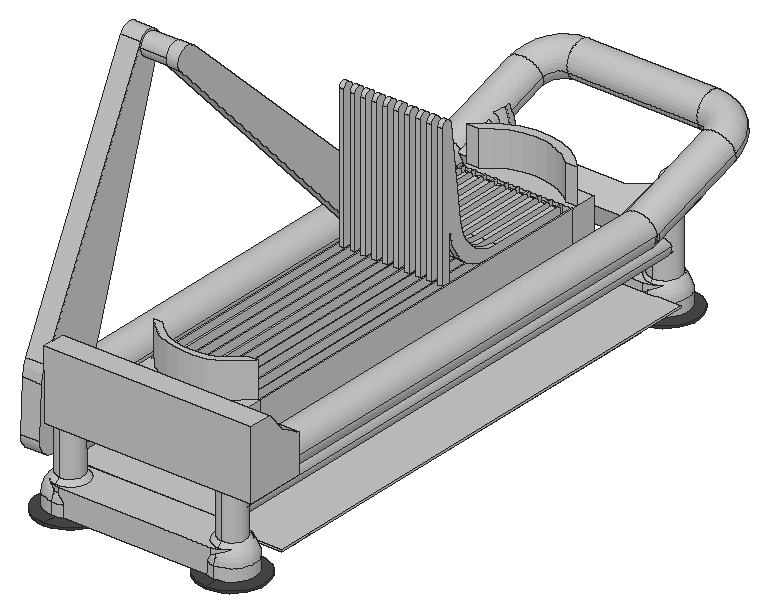
Revit family "QF_ELECTROLUXPROFESSIONAL_601443_CT6U", category Attrezzature speciali, Revit 2020
Family settings
  Quota connettore circolare = Usa diametro
  Tipo di parte = Normale
  Basato su piano di lavoro = No
  Sempre verticale = Sì
  Taglio con vuoti quando caricato = No
  Condiviso = No
  Punto di calcolo locali = No
Parameters (values of type "Standard")
  Weight = 3.00 kg
  Watts = 0 W
  Volts = 0 V
  URL Manufacturer = "https://www.electroluxprofessional.com/"
  URL = "https://www.electroluxprofessional.com/"
  Steam Supply Size = 0 mm
  Steam Supply Minimum Pressure = 0.0 Pa
  Steam Supply Maximum Pressure = 0.0 Pa
  Steam Consumption per Hour = 0
  Show Clearance [instance] = yes
  Refrigeration Suction Line Size = 0 mm
  Refrigeration Liquid Line Size = 0 mm
  Refrigerant Compressor Remote = yes
  Prospetto di default = 0 mm
  Produttore = "Electrolux Professional"
  Phase = 0
  Modello = "CT6U"
  Length Actual = 145 mm  # constant formula
  Item Number = "601443"
  Hot Water Size = 0 mm
  Height Actual = 240 mm  # constant formula
  HP = "0 HP"
  Gas Size = 0 mm
  Gas KW = 0
  Gas Input Pressure = 0 W
  Direct Waste Size = 0 mm
  Descrizione = "TOMATO SLICER 6MM + CUTTING BLOCK - US"
  Depth Actual = 427 mm  # constant formula
  Cycle = 0 Hz
  Condensate Return Size = 0 mm
  Compressed Air Volume = 0.0 L/s
  Compressed Air Size = 0 mm
  Compressed Air Pressure = 0.0 Pa
  Cold Water Size = 0 mm
  Accessory = yes
Reference planes
  plane 1 "Center (Front/Back)": y = 0
  plane 2: z = 0
  plane 3 "Center (Left/Right)": x = 0
  plane 4 "FRONT": y = -427
  plane 5 "LEFT": x = -72.5
  plane 6 "RIGHT": x = 72.5
  plane 7: x = 0
  plane 8: z = 240
  plane 9: y = -7.096
Forms (mm)
  Sweep 1, solid, material "QF_Finishes_Stainless Steel"
    path origin (2, 0, 62.5) x (1, 0, 0) y (0, 1, 0)
      loop
        line (-62.5, -91.422) -> (-62.5, -379.445)
    profile origin (-60.5, -235.434, 62.5) x (1, 0, 0) y (0, 0, 1)
      loop
        circle (-1, 0) r 11
  Sweep 2, solid, material "QF_Finishes_Stainless Steel"
    path origin (-2, 0, 62.5) x (-1, 0, 0) y (0, -1, 0)
      loop
        line (-62.5, 91.422) -> (-62.5, 379.445)
    profile origin (60.5, -235.434, 62.5) x (1, 0, 0) y (0, 0, 1)
      loop
        circle (1, 0) r 11
  Sweep 3, solid, material "QF_Finishes_Stainless Steel"
    path origin (0, -7.511, 89.42) x (1, 0, 0) y (0, 0.953938, 0.300003)
      loop
        line (-61.5, -91.422) -> (-61.5, -24)
        arc (-61.5, -24) -> (-55.642, -9.858) -> (-41.5, -4) r 20
        line (-41.5, -4) -> (41.5, -4)
        arc (41.5, -4) -> (55.642, -9.858) -> (61.5, -24) r 20
        line (61.5, -24) -> (61.5, -91.422)
    profile origin (-61.5, -62.564, 72.107) x (-1, 0, 0) y (0, -0.300003, 0.953938)
      loop
        circle (0, 0) r 11
  Extrusion 4, solid, material "QF_Finishes_Stainless Steel"
    sketch origin (0, -396.692, -97.064) x (-1, 0, 0) y (0, -0.955429, -0.29522)
      loop
        line (-52.2, -335.732) -> (-52.2, -361.975) -> (-39.846, -355.798) -> (40.154, -355.798) -> (51.818, -361.63) -> (51.818, -335.732) -> (-52.2, -335.732)
    from 55.543 to 69.371
  Extrusion 5, solid, material "QF_Finishes_Stainless Steel"
    sketch origin (0, -25.001, 21.974) x (0, 1, 0) y (0, 0, 1)
      loop
        line (-392.032, 29.526) -> (-354.445, 29.526) -> (-354.445, 54.468) -> (-367.435, 61.968) -> (-377.531, 73.583) -> (-392.032, 73.583) -> (-392.032, 29.526)
    from -59.919 to 72.5
  Extrusion 6, solid, material "QF_Finishes_Stainless Steel"
    sketch origin (0, 0, 0) x (1, 0, 0) y (0, 1, 0)
      loop
        line (-35.004, -379.446) -> (34.996, -379.446) -> (34.996, -362.867) -> (-35.004, -362.867) -> (-35.004, -379.446)
    from 51.5 to 74.145
  Extrusion 7, solid, material "QF_Finishes_Stainless Steel"
    sketch origin (-0.004, -476.322, 0) x (-1, 0, 0) y (0, -1, 0)
      loop
        line (-35.004, -379.446) -> (34.996, -379.446) -> (34.996, -362.867) -> (-35.004, -362.867) -> (-35.004, -379.446)
    from 51.5 to 74.145
  Extrusion 8, solid, material "QF_Finishes_Stainless Steel"
    sketch origin (0.004, 0, 0) x (1, 0, 0) y (0, 1, 0)
      loop
        arc (-33.344, -362.867) -> (-0.004, -379.446) -> (33.335, -362.867) r 41.812
        line (33.335, -362.867) -> (27.858, -362.867)
        arc (27.858, -362.867) -> (-0.004, -375.653) -> (-27.867, -362.867) r 36.75
        line (-27.867, -362.867) -> (-33.344, -362.867)
    from 74.145 to 96.5
  Extrusion 9, solid, material "QF_Finishes_Stainless Steel"
    sketch origin (-0.004, -473.094, 0) x (-1, 0, 0) y (0, -1, 0)
      loop
        line (34.996, -362.867) -> (27.858, -362.867)
        arc (27.858, -362.867) -> (-0.004, -373.857) -> (-27.867, -362.867) r 40.814
        line (-27.867, -362.867) -> (-35.004, -362.867)
        arc (-35.004, -362.867) -> (-0.004, -379.71) -> (34.996, -362.867) r 44.786
    from 74.145 to 96.5
  Extrusion 10, solid, material "QF_Finishes_Stainless Steel"
    sketch origin (0, 0, 0) x (0, 1, 0) y (0, 0, 1)
      loop
        line (-121.232, 73.441) -> (-121.232, 75.934)
        arc (-121.232, 75.934) -> (-121.967, 77.707) -> (-123.74, 78.441) r 2.507
        line (-123.74, 78.441) -> (-171.343, 78.441)
        arc (-171.343, 78.441) -> (-191.221, 85.973) -> (-201.119, 104.785) r 30
        line (-201.119, 104.785) -> (-208.389, 163.992)
        arc (-208.389, 163.992) -> (-211.76, 166.796) -> (-214.765, 163.602) r 3.2
        line (-214.765, 163.602) -> (-214.765, 73.441) -> (-209.765, 73.441) -> (-209.765, 102.206)
        arc (-209.765, 102.206) -> (-209.407, 102.587) -> (-209.005, 102.253) r 0.381
        line (-209.005, 102.253) -> (-208.702, 99.785)
        arc (-208.702, 99.785) -> (-198.804, 80.973) -> (-178.926, 73.441) r 30
        line (-178.926, 73.441) -> (-121.232, 73.441)
    from -33 to -30
  Extrusion 11, solid, material "QF_Finishes_Stainless Steel"
    sketch origin (6.977, 0, 0) x (0, 1, 0) y (0, 0, 1)
      loop
        line (-121.232, 73.441) -> (-121.232, 75.934)
        arc (-121.232, 75.934) -> (-121.967, 77.707) -> (-123.74, 78.441) r 2.507
        line (-123.74, 78.441) -> (-171.343, 78.441)
        arc (-171.343, 78.441) -> (-191.221, 85.973) -> (-201.119, 104.785) r 30
        line (-201.119, 104.785) -> (-208.389, 163.992)
        arc (-208.389, 163.992) -> (-211.76, 166.796) -> (-214.765, 163.602) r 3.2
        line (-214.765, 163.602) -> (-214.765, 73.441) -> (-209.765, 73.441) -> (-209.765, 102.206)
        arc (-209.765, 102.206) -> (-209.407, 102.587) -> (-209.005, 102.253) r 0.381
        line (-209.005, 102.253) -> (-208.702, 99.785)
        arc (-208.702, 99.785) -> (-198.804, 80.973) -> (-178.926, 73.441) r 30
        line (-178.926, 73.441) -> (-121.232, 73.441)
    from -33 to -30
  Extrusion 12, solid, material "QF_Finishes_Stainless Steel"
    sketch origin (21, 0, 0) x (0, 1, 0) y (0, 0, 1)
      loop
        line (-121.232, 73.441) -> (-121.232, 75.934)
        arc (-121.232, 75.934) -> (-121.967, 77.707) -> (-123.74, 78.441) r 2.507
        line (-123.74, 78.441) -> (-171.343, 78.441)
        arc (-171.343, 78.441) -> (-191.221, 85.973) -> (-201.119, 104.785) r 30
        line (-201.119, 104.785) -> (-208.389, 163.992)
        arc (-208.389, 163.992) -> (-211.76, 166.796) -> (-214.765, 163.602) r 3.2
        line (-214.765, 163.602) -> (-214.765, 73.441) -> (-209.765, 73.441) -> (-209.765, 102.206)
        arc (-209.765, 102.206) -> (-209.407, 102.587) -> (-209.005, 102.253) r 0.381
        line (-209.005, 102.253) -> (-208.702, 99.785)
        arc (-208.702, 99.785) -> (-198.804, 80.973) -> (-178.926, 73.441) r 30
        line (-178.926, 73.441) -> (-121.232, 73.441)
    from -33 to -30
  Extrusion 13, solid, material "QF_Finishes_Stainless Steel"
    sketch origin (13.977, 0, 0) x (0, 1, 0) y (0, 0, 1)
      loop
        line (-121.232, 73.441) -> (-121.232, 75.934)
        arc (-121.232, 75.934) -> (-121.967, 77.707) -> (-123.74, 78.441) r 2.507
        line (-123.74, 78.441) -> (-171.343, 78.441)
        arc (-171.343, 78.441) -> (-191.221, 85.973) -> (-201.119, 104.785) r 30
        line (-201.119, 104.785) -> (-208.389, 163.992)
        arc (-208.389, 163.992) -> (-211.76, 166.796) -> (-214.765, 163.602) r 3.2
        line (-214.765, 163.602) -> (-214.765, 73.441) -> (-209.765, 73.441) -> (-209.765, 102.206)
        arc (-209.765, 102.206) -> (-209.407, 102.587) -> (-209.005, 102.253) r 0.381
        line (-209.005, 102.253) -> (-208.702, 99.785)
        arc (-208.702, 99.785) -> (-198.804, 80.973) -> (-178.926, 73.441) r 30
        line (-178.926, 73.441) -> (-121.232, 73.441)
    from -33 to -30
  Extrusion 14, solid, material "QF_Finishes_Stainless Steel"
    sketch origin (0, 0, 0) x (0, 1, 0) y (0, 0, -1)
      loop
        line (-121.232, -73.441) -> (-178.926, -73.441)
        arc (-178.926, -73.441) -> (-198.804, -80.973) -> (-208.702, -99.785) r 30
        line (-208.702, -99.785) -> (-209.005, -102.253)
        arc (-209.005, -102.253) -> (-209.407, -102.587) -> (-209.765, -102.206) r 0.381
        line (-209.765, -102.206) -> (-209.765, -73.441) -> (-214.765, -73.441) -> (-214.765, -163.602)
        arc (-214.765, -163.602) -> (-211.76, -166.796) -> (-208.389, -163.992) r 3.2
        line (-208.389, -163.992) -> (-201.119, -104.785)
        arc (-201.119, -104.785) -> (-191.221, -85.973) -> (-171.343, -78.441) r 30
        line (-171.343, -78.441) -> (-123.74, -78.441)
        arc (-123.74, -78.441) -> (-121.967, -77.707) -> (-121.232, -75.934) r 2.507
        line (-121.232, -75.934) -> (-121.232, -73.441)
    from -33 to -30
  Extrusion 15, solid, material "QF_Finishes_Stainless Steel"
    sketch origin (-6.977, 0, 0) x (0, 1, 0) y (0, 0, -1)
      loop
        line (-121.232, -73.441) -> (-178.926, -73.441)
        arc (-178.926, -73.441) -> (-198.804, -80.973) -> (-208.702, -99.785) r 30
        line (-208.702, -99.785) -> (-209.005, -102.253)
        arc (-209.005, -102.253) -> (-209.407, -102.587) -> (-209.765, -102.206) r 0.381
        line (-209.765, -102.206) -> (-209.765, -73.441) -> (-214.765, -73.441) -> (-214.765, -163.602)
        arc (-214.765, -163.602) -> (-211.76, -166.796) -> (-208.389, -163.992) r 3.2
        line (-208.389, -163.992) -> (-201.119, -104.785)
        arc (-201.119, -104.785) -> (-191.221, -85.973) -> (-171.343, -78.441) r 30
        line (-171.343, -78.441) -> (-123.74, -78.441)
        arc (-123.74, -78.441) -> (-121.967, -77.707) -> (-121.232, -75.934) r 2.507
        line (-121.232, -75.934) -> (-121.232, -73.441)
    from -33 to -30
  Extrusion 16, solid, material "QF_Finishes_Stainless Steel"
    sketch origin (-21, 0, 0) x (0, 1, 0) y (0, 0, -1)
      loop
        line (-121.232, -73.441) -> (-178.926, -73.441)
        arc (-178.926, -73.441) -> (-198.804, -80.973) -> (-208.702, -99.785) r 30
        line (-208.702, -99.785) -> (-209.005, -102.253)
        arc (-209.005, -102.253) -> (-209.407, -102.587) -> (-209.765, -102.206) r 0.381
        line (-209.765, -102.206) -> (-209.765, -73.441) -> (-214.765, -73.441) -> (-214.765, -163.602)
        arc (-214.765, -163.602) -> (-211.76, -166.796) -> (-208.389, -163.992) r 3.2
        line (-208.389, -163.992) -> (-201.119, -104.785)
        arc (-201.119, -104.785) -> (-191.221, -85.973) -> (-171.343, -78.441) r 30
        line (-171.343, -78.441) -> (-123.74, -78.441)
        arc (-123.74, -78.441) -> (-121.967, -77.707) -> (-121.232, -75.934) r 2.507
        line (-121.232, -75.934) -> (-121.232, -73.441)
    from -33 to -30
  Extrusion 17, solid, material "QF_Finishes_Stainless Steel"
    sketch origin (-13.977, 0, 0) x (0, 1, 0) y (0, 0, -1)
      loop
        line (-121.232, -73.441) -> (-178.926, -73.441)
        arc (-178.926, -73.441) -> (-198.804, -80.973) -> (-208.702, -99.785) r 30
        line (-208.702, -99.785) -> (-209.005, -102.253)
        arc (-209.005, -102.253) -> (-209.407, -102.587) -> (-209.765, -102.206) r 0.381
        line (-209.765, -102.206) -> (-209.765, -73.441) -> (-214.765, -73.441) -> (-214.765, -163.602)
        arc (-214.765, -163.602) -> (-211.76, -166.796) -> (-208.389, -163.992) r 3.2
        line (-208.389, -163.992) -> (-201.119, -104.785)
        arc (-201.119, -104.785) -> (-191.221, -85.973) -> (-171.343, -78.441) r 30
        line (-171.343, -78.441) -> (-123.74, -78.441)
        arc (-123.74, -78.441) -> (-121.967, -77.707) -> (-121.232, -75.934) r 2.507
        line (-121.232, -75.934) -> (-121.232, -73.441)
    from -33 to -30
  Extrusion 18, solid, material "QF_Finishes_Stainless Steel"
    sketch origin (28, 0, 0) x (0, 1, 0) y (0, 0, 1)
      loop
        line (-121.232, 73.441) -> (-121.232, 75.934)
        arc (-121.232, 75.934) -> (-121.967, 77.707) -> (-123.74, 78.441) r 2.507
        line (-123.74, 78.441) -> (-171.343, 78.441)
        arc (-171.343, 78.441) -> (-191.221, 85.973) -> (-201.119, 104.785) r 30
        line (-201.119, 104.785) -> (-208.389, 163.992)
        arc (-208.389, 163.992) -> (-211.76, 166.796) -> (-214.765, 163.602) r 3.2
        line (-214.765, 163.602) -> (-214.765, 73.441) -> (-209.765, 73.441) -> (-209.765, 102.206)
        arc (-209.765, 102.206) -> (-209.407, 102.587) -> (-209.005, 102.253) r 0.381
        line (-209.005, 102.253) -> (-208.702, 99.785)
        arc (-208.702, 99.785) -> (-198.804, 80.973) -> (-178.926, 73.441) r 30
        line (-178.926, 73.441) -> (-121.232, 73.441)
    from -33 to -30
  Extrusion 19, solid, material "QF_Finishes_Stainless Steel"
    sketch origin (35, 0, 0) x (0, 1, 0) y (0, 0, 1)
      loop
        line (-121.232, 73.441) -> (-121.232, 75.934)
        arc (-121.232, 75.934) -> (-121.967, 77.707) -> (-123.74, 78.441) r 2.507
        line (-123.74, 78.441) -> (-171.343, 78.441)
        arc (-171.343, 78.441) -> (-191.221, 85.973) -> (-201.119, 104.785) r 30
        line (-201.119, 104.785) -> (-208.389, 163.992)
        arc (-208.389, 163.992) -> (-211.76, 166.796) -> (-214.765, 163.602) r 3.2
        line (-214.765, 163.602) -> (-214.765, 73.441) -> (-209.765, 73.441) -> (-209.765, 102.206)
        arc (-209.765, 102.206) -> (-209.407, 102.587) -> (-209.005, 102.253) r 0.381
        line (-209.005, 102.253) -> (-208.702, 99.785)
        arc (-208.702, 99.785) -> (-198.804, 80.973) -> (-178.926, 73.441) r 30
        line (-178.926, 73.441) -> (-121.232, 73.441)
    from -33 to -30
  Extrusion 20, solid, material "QF_Finishes_Stainless Steel"
    sketch origin (0, 0, 0) x (1, 0, 0) y (0, 1, 0)
      loop
        line (-35, -113.455) -> (-35, -362.867) -> (-34.18, -362.867) -> (-34.18, -113.455) -> (-35, -113.455)
    from 51.5 to 74.145
  Extrusion 21, solid, material "QF_Finishes_Stainless Steel"
    sketch origin (6.687, 0, 0) x (1, 0, 0) y (0, 1, 0)
      loop
        line (-35, -113.455) -> (-35, -362.867) -> (-34.18, -362.867) -> (-34.18, -113.455) -> (-35, -113.455)
    from 51.5 to 74.145
  Extrusion 22, solid, material "QF_Finishes_Stainless Steel"
    sketch origin (13.687, 0, 0) x (1, 0, 0) y (0, 1, 0)
      loop
        line (-35, -113.455) -> (-35, -362.867) -> (-34.18, -362.867) -> (-34.18, -113.455) -> (-35, -113.455)
    from 51.5 to 74.145
  Extrusion 23, solid, material "QF_Finishes_Stainless Steel"
    sketch origin (20.687, 0, 0) x (1, 0, 0) y (0, 1, 0)
      loop
        line (-35, -113.455) -> (-35, -362.867) -> (-34.18, -362.867) -> (-34.18, -113.455) -> (-35, -113.455)
    from 51.5 to 74.145
  Extrusion 24, solid, material "QF_Finishes_Stainless Steel"
    sketch origin (27.687, 0, 0) x (1, 0, 0) y (0, 1, 0)
      loop
        line (-35, -113.455) -> (-35, -362.867) -> (-34.18, -362.867) -> (-34.18, -113.455) -> (-35, -113.455)
    from 51.5 to 74.145
  Extrusion 25, solid, material "QF_Finishes_Stainless Steel"
    sketch origin (0, 0, 0) x (-1, 0, 0) y (0, -1, 0)
      loop
        line (-35, 113.455) -> (-34.18, 113.455) -> (-34.18, 362.867) -> (-35, 362.867) -> (-35, 113.455)
    from 51.5 to 74.145
  Extrusion 26, solid, material "QF_Finishes_Stainless Steel"
    sketch origin (-6.688, 0, 0) x (-1, 0, 0) y (0, -1, 0)
      loop
        line (-35, 113.455) -> (-34.18, 113.455) -> (-34.18, 362.867) -> (-35, 362.867) -> (-35, 113.455)
    from 51.5 to 74.145
  Extrusion 27, solid, material "QF_Finishes_Stainless Steel"
    sketch origin (-13.688, 0, 0) x (-1, 0, 0) y (0, -1, 0)
      loop
        line (-35, 113.455) -> (-34.18, 113.455) -> (-34.18, 362.867) -> (-35, 362.867) -> (-35, 113.455)
    from 51.5 to 74.145
  Extrusion 28, solid, material "QF_Finishes_Stainless Steel"
    sketch origin (-20.688, 0, 0) x (-1, 0, 0) y (0, -1, 0)
      loop
        line (-35, 113.455) -> (-34.18, 113.455) -> (-34.18, 362.867) -> (-35, 362.867) -> (-35, 113.455)
    from 51.5 to 74.145
  Extrusion 29, solid, material "QF_Finishes_Stainless Steel"
    sketch origin (-27.688, 0, 0) x (-1, 0, 0) y (0, -1, 0)
      loop
        line (-35, 113.455) -> (-34.18, 113.455) -> (-34.18, 362.867) -> (-35, 362.867) -> (-35, 113.455)
    from 51.5 to 74.145
  Extrusion 30, solid, material "QF_Finishes_Stainless Steel"
    sketch origin (-34.594, 0, 0) x (-1, 0, 0) y (0, -1, 0)
      loop
        line (-35, 113.455) -> (-34.18, 113.455) -> (-34.18, 362.867) -> (-35, 362.867) -> (-35, 113.455)
    from 51.5 to 74.145
  Revolve 31, solid, material "QF_Finishes_Black"
    sketch origin (-51.733, 0, 0) x (0, 1, 0) y (0, 0, 1)
      loop
        line (-52.308, 3.139) -> (-60.849, 3.139) -> (-60.849, 0) -> (-40.083, 0) -> (-40.083, 1.365) -> (-52.308, 1.365) -> (-52.308, 3.139)
      axis (-60.849, 0) -> (-60.849, 3.139)
    angle from 0 to 360
  Revolve 32, solid, material "QF_Finishes_Stainless Steel"
    sketch origin (-51.77, -345.384, 0) x (0, 1, 0) y (0, 0, 1)
      loop
        line (-60.849, 54.602) -> (-60.849, 3.139) -> (-46.405, 3.139) -> (-46.405, 10.725)
        arc (-46.405, 10.725) -> (-48.073, 17.147) -> (-52.657, 21.944) r 13.191
        line (-52.657, 21.944) -> (-52.657, 54.602) -> (-60.849, 54.602)
      axis (-60.849, 3.139) -> (-60.849, 54.602)
    angle from 0 to 360
  Revolve 33, solid, material "QF_Finishes_Black"
    sketch origin (-51.733, -345.384, 0) x (0, 1, 0) y (0, 0, 1)
      loop
        line (-52.308, 3.139) -> (-60.849, 3.139) -> (-60.849, 0) -> (-40.083, 0) -> (-40.083, 1.365) -> (-52.308, 1.365) -> (-52.308, 3.139)
      axis (-60.849, 0) -> (-60.849, 3.139)
    angle from 0 to 360
  Revolve 34, solid, material "QF_Finishes_Stainless Steel"
    sketch origin (51.77, -345.384, 0) x (0, 1, 0) y (0, 0, -1)
      loop
        line (-60.849, -54.486) -> (-52.657, -54.486) -> (-52.657, -21.944)
        arc (-52.657, -21.944) -> (-48.073, -17.147) -> (-46.405, -10.725) r 13.191
        line (-46.405, -10.725) -> (-46.405, -3.139) -> (-60.849, -3.139) -> (-60.849, -54.486)
      axis (-60.849, -3.139) -> (-60.849, -54.486)
    angle from 0 to 360
  Revolve 35, solid, material "QF_Finishes_Black"
    sketch origin (51.733, -345.384, 0) x (0, 1, 0) y (0, 0, -1)
      loop
        line (-52.308, -3.139) -> (-52.308, -1.365) -> (-40.083, -1.365) -> (-40.083, 0) -> (-60.849, 0) -> (-60.849, -3.139) -> (-52.308, -3.139)
      axis (-60.849, 0) -> (-60.849, -3.139)
    angle from 0 to 360
  Revolve 36, solid, material "QF_Finishes_Stainless Steel"
    sketch origin (51.785, 0, 0) x (0, 1, 0) y (0, 0, -1)
      loop
        line (-60.849, -56.5) -> (-51.405, -56.5) -> (-51.405, -21.065)
        arc (-51.405, -21.065) -> (-47.72, -16.468) -> (-46.405, -10.725) r 13.191
        line (-46.405, -10.725) -> (-46.405, -3.139) -> (-60.849, -3.139) -> (-60.849, -56.5)
      axis (-60.849, -3.139) -> (-60.849, -56.5)
    angle from 0 to 360
  Revolve 37, solid, material "QF_Finishes_Black"
    sketch origin (51.733, 0, 0) x (0, 1, 0) y (0, 0, -1)
      loop
        line (-52.308, -3.139) -> (-52.308, -1.365) -> (-40.083, -1.365) -> (-40.083, 0) -> (-60.849, 0) -> (-60.849, -3.139) -> (-52.308, -3.139)
      axis (-60.849, 0) -> (-60.849, -3.139)
    angle from 0 to 360
  SweptBlend 38, solid, material "QF_Finishes_Stainless Steel"
    path origin (0, -60, 0) x (-1, 0, 0) y (0, 0, 1)
      loop
        line (49.809, 50.794) -> (61.5, 73.5)
    profile origin (-49.809, -60, 50.794) x (0.889076, 0, 0.457759) y (0, 1, 0)
      loop
        circle (0, 0) r 7
    end profile origin (-61.5, -60, 73.5) x (0.889076, 0, 0.457759) y (0, 1, 0)
      loop
        circle (0, 0) r 12
  SweptBlend 39, solid, material "QF_Finishes_Stainless Steel"
    path origin (0, -60, 0) x (1, 0, 0) y (0, 0, -1)
      loop
        line (49.809, -50.794) -> (61.5, -73.5)
    profile origin (49.809, -60, 50.794) x (0.889076, 0, -0.457759) y (0, 1, 0)
      loop
        circle (0, 0) r 7
    end profile origin (61.5, -60, 73.5) x (0.889076, 0, -0.457759) y (0, 1, 0)
      loop
        circle (0, 0) r 12
  Revolve 40, solid, material "QF_Finishes_Stainless Steel"
    sketch origin (-51.785, 0, 0) x (0, 1, 0) y (0, 0, 1)
      loop
        line (-60.849, 56.5) -> (-60.849, 3.139) -> (-46.405, 3.139) -> (-46.405, 10.725)
        arc (-46.405, 10.725) -> (-47.72, 16.468) -> (-51.405, 21.065) r 13.191
        line (-51.405, 21.065) -> (-51.405, 56.5) -> (-60.849, 56.5)
      axis (-60.849, 3.139) -> (-60.849, 56.5)
    angle from 0 to 360
  Extrusion 41, solid, material "QF_Finishes_Stainless Steel"
    sketch origin (0, 0, 0) x (1, 0, 0) y (0, 1, 0)
      loop
        arc (-48.362, -47.614) -> (-57.555, -51.422) -> (-61.362, -60.614) r 13
        line (-61.362, -60.614) -> (-61.362, -61.466)
        arc (-61.362, -61.466) -> (-57.555, -70.658) -> (-48.362, -74.466) r 13
        line (-48.362, -74.466) -> (48.362, -74.466)
        arc (48.362, -74.466) -> (57.555, -70.658) -> (61.362, -61.466) r 13
        line (61.362, -61.466) -> (61.362, -60.614)
        arc (61.362, -60.614) -> (57.555, -51.422) -> (48.362, -47.614) r 13
        line (48.362, -47.614) -> (-48.362, -47.614)
    from 3.139 to 19.349
  Extrusion 42, solid, material "QF_Finishes_Stainless Steel"
    sketch origin (0, -345, 0) x (1, 0, 0) y (0, 1, 0)
      loop
        arc (-48.362, -47.614) -> (-57.555, -51.422) -> (-61.362, -60.614) r 13
        line (-61.362, -60.614) -> (-61.362, -61.466)
        arc (-61.362, -61.466) -> (-57.555, -70.658) -> (-48.362, -74.466) r 13
        line (-48.362, -74.466) -> (48.362, -74.466)
        arc (48.362, -74.466) -> (57.555, -70.658) -> (61.362, -61.466) r 13
        line (61.362, -61.466) -> (61.362, -60.614)
        arc (61.362, -60.614) -> (57.555, -51.422) -> (48.362, -47.614) r 13
        line (48.362, -47.614) -> (-48.362, -47.614)
    from 3.139 to 19.349
  SweptBlend 43, solid, material "QF_Finishes_Stainless Steel"
    path origin (0, 0, 0) x (0, 1, 0) y (0, 0, 1)
      loop
        line (-219.765, 0) -> (-219.765, 13.338)
    profile origin (0, -219.765, 0) x (0, -1, 0) y (1, 0, 0)
      loop
        arc (-113.362, -52.5) -> (-111.898, -56.036) -> (-108.362, -57.5) r 5
        line (-108.362, -57.5) -> (144.68, -57.5)
        arc (144.68, -57.5) -> (148.215, -56.036) -> (149.68, -52.5) r 5
        line (149.68, -52.5) -> (149.68, 52.5)
        arc (149.68, 52.5) -> (148.215, 56.036) -> (144.68, 57.5) r 5
        line (144.68, 57.5) -> (-108.362, 57.5)
        arc (-108.362, 57.5) -> (-111.898, 56.036) -> (-113.362, 52.5) r 5
        line (-113.362, 52.5) -> (-113.362, -52.5)
    end profile origin (0, -219.765, 13.338) x (0, -1, 0) y (1, 0, 0)
      loop
        arc (-128.362, -57.5) -> (-123.969, -68.107) -> (-113.362, -72.5) r 15
        line (-113.362, -72.5) -> (149.681, -72.5)
        arc (149.681, -72.5) -> (160.287, -68.107) -> (164.681, -57.5) r 15
        line (164.681, -57.5) -> (164.681, 57.5)
        arc (164.681, 57.5) -> (160.287, 68.107) -> (149.681, 72.5) r 15
        line (149.681, 72.5) -> (-113.362, 72.5)
        arc (-113.362, 72.5) -> (-123.969, 68.107) -> (-128.362, 57.5) r 15
        line (-128.362, 57.5) -> (-128.362, -57.5)
  Sweep 44, solid, material "QF_Finishes_Stainless Steel"
    path origin (0, 0, 0) x (0, 1, 0) y (0, 0, 1)
      loop
        line (-61.45, 39.678) -> (-406.45, 39.678)
    profile origin (0, -233.95, 39.678) x (0, 0, -1) y (1, 0, 0)
      loop
        circle (0, -51.818) r 8
  Sweep 45, solid, material "QF_Finishes_Stainless Steel"
    path origin (0, 0, 0) x (0, 1, 0) y (0, 0, -1)
      loop
        line (-61.45, -39.678) -> (-406.45, -39.678)
    profile origin (0, -233.95, 39.678) x (0, 0, 1) y (-1, 0, 0)
      loop
        circle (0, -51.818) r 8
  Extrusion 46, solid, material "QF_Finishes_Stainless Steel"
    sketch origin (0, 0, 0) x (0, 1, 0) y (0, 0, 1)
      loop
        arc (-325.621, 229.665) -> (-330.082, 239.293) -> (-340.016, 235.564) r 7.8
        line (-340.016, 235.564) -> (-415.831, 83.97)
        arc (-415.831, 83.97) -> (-417.644, 79.168) -> (-418.438, 74.096) r 25
        line (-418.438, 74.096) -> (-420.134, 41.732)
        arc (-420.134, 41.732) -> (-413.65, 31.842) -> (-402.267, 35.052) r 10
        line (-402.267, 35.052) -> (-385.819, 56.106)
        arc (-385.819, 56.106) -> (-380.123, 64.877) -> (-376.036, 74.504) r 60
        line (-376.036, 74.504) -> (-325.621, 229.665)
    from -72.5 to -59.919
  Extrusion 47, solid, material "QF_Finishes_Stainless Steel"
    sketch origin (0, 0, 0) x (0, 1, 0) y (0, 0, 1)
      loop
        line (-338.931, 226.716) -> (-175.92, 51.907)
        arc (-175.92, 51.907) -> (-166.724, 48.099) -> (-157.817, 52.54) r 12
        line (-157.817, 52.54) -> (-155.963, 54.394)
        arc (-155.963, 54.394) -> (-152.597, 62.939) -> (-156.26, 71.362) r 12
        line (-156.26, 71.362) -> (-328.127, 237.332)
        arc (-328.127, 237.332) -> (-338.7, 237.286) -> (-338.931, 226.716) r 7.576
    from -42.524 to -35
  Sweep 48, solid, material "QF_Finishes_Stainless Steel"
    path origin (-121.368, -281.421, 192.371) x (-1, 0, 0) y (0, 0, 1)
      loop
        line (-61.45, 39.678) -> (-78.845, 39.678)
    profile origin (-51.221, -281.421, 232.049) x (0, 0, -1) y (0, 1, 0)
      loop
        circle (0, -51.818) r 7
  Extrusion 49, solid, material "QF_Finishes_Stainless Steel"
    sketch origin (0, 0, 0) x (0, 1, 0) y (0, 0, 1)
      loop
        line (-392.614, 13.338) -> (-74.466, 13.338) -> (-74.466, 14.338) -> (-392.614, 14.338) -> (-392.614, 13.338)
    from -72.5 to 72.5
Dimensions and locks
  plane 6 "RIGHT" to plane 5 "LEFT" = 145 mm
  plane 5 "LEFT" to plane 6 "RIGHT" = 145 mm
  plane 8 to level = 240 mm
  level to plane 8 = 240 mm
  plane 1 "Center (Front/Back)" to plane 4 "FRONT" = 427 mm
  plane 4 "FRONT" to plane 1 "Center (Front/Back)" = 427 mm
  aligned and locked: level to plane 2
